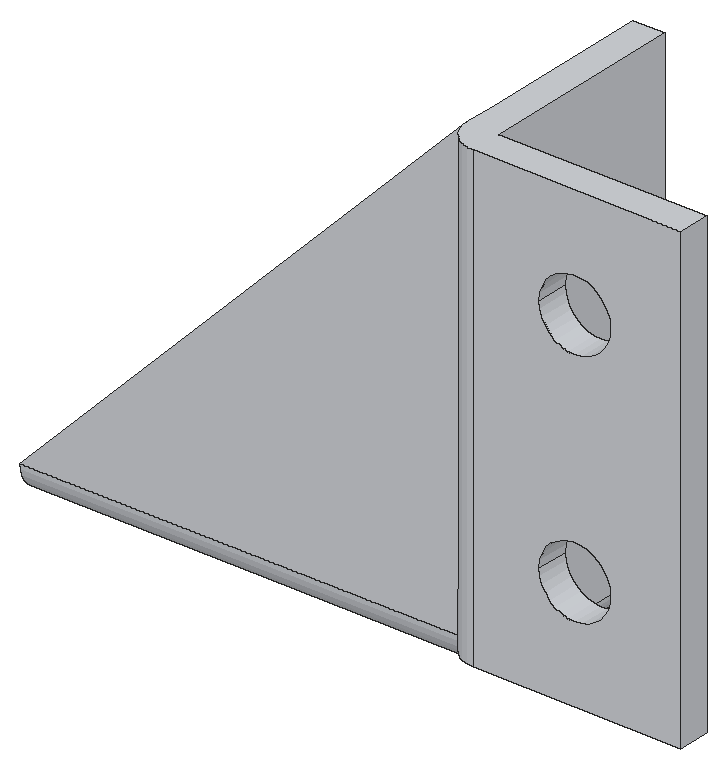
Revit family "Fitting-Wing_Shape-Unistrut-P2344R", category Specialty Equipment, Revit 2012
Parameters (values of type "P2344R")
  ecoScorecard_data = "http://products.ecoscorecard.com/atkore/P2344R"
  ecoScorecard Product Page = "http://products.ecoscorecard.com/atkore/P2344R?action=html"
  Weight Per Piece = 1.76 lbf
  Unit = none
  Unistrut Part Number = "P2344R"  # constant formula
  URL = "http://unistrut.us/index.php"
  Thickness = 1/4"  # constant formula
  Subcategory = "Wing Shape Fittings"  # constant formula
  Product Page URL = "http://unistrut.us/index.php?WP=cat_detail&S=S05&P=P2344R"
  Power Strut Part Number = "PS 2129 R"  # constant formula
  Part Type = "Fitting"  # constant formula
  Overall Width = 5 3/8"  # constant formula
  Overall Length = 1 5/8"  # constant formula
  Overall Height = 3 7/8"  # constant formula
  Model = "P2344R"
  Material = ""
  Manufacturer Phone - Toll Free = "800-882-5543"  # constant formula
  Manufacturer Phone = "708-339-1610"  # constant formula
  Manufacturer Fax = "708-339-7814"  # constant formula
  Manufacturer Email = "mailto:jshaw@atkore.com"
  Manufacturer Address = "16100 South Lathrop Avenue, Harvey, IL 60426"  # constant formula
  Manufacturer = "Unistrut by Atkore International"  # constant formula
  Load Capacity Note = "Visit the product page for load application and capacity."  # constant formula
  Literature URL = "http://unistrut.us/index.php?WP=LItLibrary"
  Hole Diameter = 9/16"
  Cost Info = "mailto:jshaw@atkore.com"
  CAD URL = "http://unistrut.us/index.php?WP=CAD3d"
  Assembly Code = "D5020100"
  95 CSI = "16070"  # constant formula
  04 CSI = "26 05 48"  # constant formula
Reference planes (in)
  plane 1 "Center (Front/Back)": y = 0
  plane 2: z = 0
  plane 3 "Center (Left/Right)": x = 0
  plane 4: z = 3.875
  plane 5: x = -2.6875
  plane 6: y = 0.8125
  plane 7: x = 2.6875
  plane 8: y = -0.8125
  plane 9: x = 1.0625
  plane 10: z = 0.25
  plane 11: z = 3
  plane 12: z = 1.125
  plane 13: x = -1.875
  plane 14: x = 1.859375
Dimensions and locks (in)
  "Overall Height": plane 4 to plane 2
  equal spacing: plane 6, plane 1 "Center (Front/Back)", plane 8
  "Overall Length": plane 6 to plane 8
  equal spacing: plane 5, plane 3 "Center (Left/Right)", plane 7
  "Overall Width": plane 5 to plane 7
  plane 9 to plane 5 = 3 3/4"
  "Thickness": plane 10 to plane 2
  aligned and locked: level to plane 2
  aligned and locked: nested 1 to level
Nested families (in)
  nested 1: "2344R" at (1.859375, -0.9375, 3.875) x (-1, 0, 0) z (0, 0, -1), type "2344R"
Definition of nested family "2344R"
  Parameters (values of type "2344R")
    Width = 5 3/8"
    Unit = none
    Thickness = 1/4"
    Height = 3 7/8"
    Radiuis = Diameter / 2  # 9/32"
    Length = 1 5/8"
    Diameter = 9/16"
    Default Elevation = 0"
    Bolt Length [instance] = 1 1/2"
  Reference planes (in)
    plane 1 "Center (Front/Back)": y = 0
    plane 2: z = 0
    plane 3 "Center (Left/Right)": x = 0
    plane 4: z = 3.875
    plane 5: y = 1.75
    plane 6: x = 4.546875
    plane 7: y = 0.125
    plane 8: x = 0.828125
    plane 9: x = -0.828125
    plane 10: z = 3.625
    plane 11: z = 0.875
    plane 12: y = 0.9375
    plane 13: y = 0.375
    plane 14: x = 0.8538459
    plane 15: x = 0.796875
  Forms (in)
    Extrusion 1, solid
      sketch origin (0, 0, 0) x (1, 0, 0) y (0, 1, 0)
        loop
          line (0.796875, 1.75) -> (0.796875, 0.125) -> (-0.828125, 0.125) -> (-0.828125, -0.125) -> (0.796875, -0.125)
          arc (0.796875, -0.125) -> (0.9736517, -0.0517767) -> (1.046875, 0.125) r 0.25
          line (1.046875, 0.125) -> (1.046875, 1.75) -> (0.796875, 1.75)
      from 0 to 3.625
    Extrusion 2, solid
      sketch origin (0, 0, 0) x (1, 0, 0) y (0, 0, 1)
        loop
          line (4.546875, 3.875) -> (0.9586483, 3.875)
          arc (0.9586483, 3.875) -> (0.8442573, 3.8276177) -> (0.796875, 3.7132267) r 0.1617733
          line (0.796875, 3.7132267) -> (0.796875, 3.625) -> (4.546875, 3.625) -> (4.546875, 3.875)
      from -1.75 to -0.375
    Extrusion 3, solid
      sketch origin (0, 0, 0) x (1, 0, 0) y (0, 0, 1)
        loop
          line (1.046875, 3.625) -> (1.046875, 0) -> (4.546875, 3.625) -> (1.046875, 3.625)
      from -0.375 to -0.125
    Extrusion 4, solid
      sketch origin (4.546875, 0, 3.875) x (0, 0, -1) y (0, 1, 0)
        loop
          line (0.25, 0.125) -> (0.25, 0.375) -> (0, 0.375)
          arc (0, 0.375) -> (0.0732233, 0.1982233) -> (0.25, 0.125) r 0.25
      from -3.75 to 0
    Extrusion 5, void
      sketch origin (4.546875, 0.375, 3.875) x (0, 0, 1) y (-1, 0, 0)
        loop
          line (0, 3.5882267) -> (0, 3.75) -> (-0.1617733, 3.75)
          arc (-0.1617733, 3.75) -> (-0.0473823, 3.7026177) -> (0, 3.5882267) r 0.1617733
      from -1.375 to 0.25
    Extrusion 6, void
      sketch origin (0, 0, 0) x (1, 0, 0) y (0, 0, 1)
        loop
          circle (0, 0.875) r 0.28125
        loop
          circle (0, 2.75) r 0.28125
      from -0.125 to 0.125
    Extrusion 7, void
      sketch origin (0, 0, 0) x (1, 0, 0) y (0, 1, 0)
        loop
          circle (3.734375, 0.9375) r 0.28125
        loop
          circle (1.859375, 0.9375) r 0.28125
      from 3.625 to 3.875
  Cuts and joins
    Extrusion 5, Extrusion 6, Extrusion 7 cuts Extrusion 1
    Extrusion 5, Extrusion 6, Extrusion 7 cuts Extrusion 2
    Extrusion 5, Extrusion 6, Extrusion 7 cuts Extrusion 3
    Extrusion 5, Extrusion 6, Extrusion 7 cuts Extrusion 4
    joined: Extrusion 1, Extrusion 2, Extrusion 3, Extrusion 4
  Dimensions and locks (in)
    "Height": plane 4 to plane 2
    equal spacing: plane 9, plane 3 "Center (Left/Right)", plane 8
    plane 9 to plane 8 = 1 21/32"
    "Thickness": plane 4 to plane 10
    "Length": plane 5 to plane 7
    equal spacing: plane 5, plane 12, plane 7
    locked: plane 13 to plane 7 at 0.25
    "Width": plane 9 to plane 6
    "Radiuis": radius of Extrusion 6 sketch curve  (x2)
    "Radiuis": radius of Extrusion 7 sketch curve  (x2)
    aligned and locked: level to plane 2
    aligned and locked: Extrusion 1 sketch curve to plane 7
    aligned and locked: Extrusion 1 sketch curve to plane 5
    aligned and locked: Extrusion 1 sketch curve to plane 9
    aligned and locked: plane 10 to Extrusion 1
    aligned and locked: Extrusion 1 to plane 2
    aligned and locked: plane 6 to Extrusion 2 sketch curve
    aligned and locked: Extrusion 2 sketch curve to plane 4
    aligned and locked: Extrusion 2 sketch curve to plane 10
    aligned and locked: plane 5 to Extrusion 2
    aligned and locked: Extrusion 3 sketch curve to plane 10
    aligned and locked: Extrusion 3 to plane 13
    aligned and locked: Extrusion 3 to plane 7
    aligned and locked: plane 13 to cut or joined group of Extrusion 1, Extrusion 2, Extrusion 3, Extrusion 4, Extrusion 5, Extrusion 6, Extrusion 7
    aligned and locked: Extrusion 4 sketch curve to cut or joined group of Extrusion 1, Extrusion 2, Extrusion 3, Extrusion 4, Extrusion 5, Extrusion 6, Extrusion 7
    aligned and locked: Extrusion 4 sketch curve to Extrusion 3
    aligned and locked: cut or joined group of Extrusion 1, Extrusion 2, Extrusion 3, Extrusion 4, Extrusion 5, Extrusion 6, Extrusion 7 to Extrusion 4
    aligned and locked: Extrusion 4 to cut or joined group of Extrusion 1, Extrusion 2, Extrusion 3, Extrusion 4, Extrusion 5, Extrusion 6, Extrusion 7
    aligned and locked: Extrusion 5 to Extrusion 1
    aligned and locked: Extrusion 1 to Extrusion 5
    aligned and locked: plane 3 "Center (Left/Right)" to Extrusion 6 sketch curve  (x2)
    aligned and locked: Extrusion 1 to Extrusion 6  (x2)
    aligned and locked: plane 12 to Extrusion 7 sketch curve  (x2)
    aligned and locked: Extrusion 7 to Extrusion 1
    aligned and locked: Extrusion 2 to Extrusion 7
    aligned and locked: plane 15 to Extrusion 2 sketch curve
    aligned and locked: Extrusion 3 sketch curve to cut or joined group of Extrusion 1, Extrusion 2, Extrusion 3, Extrusion 4, Extrusion 5, Extrusion 6, Extrusion 7
  Automatic sketch dimensions
    Extrusion 1 sketch curve to plane 8 = 1/32"
    Extrusion 1 sketch curve to plane 7 = 0"
    plane 8 to Extrusion 1 sketch curve = 7/32"
    plane 8 to Extrusion 2 sketch curve = 0.13052"
    Extrusion 4 sketch curve to Extrusion 2 = 0"
    Extrusion 5 sketch curve to Extrusion 5 sketch curve = 0"  (x2)
    Extrusion 5 sketch curve to Extrusion 4 = 0.08823"
    Extrusion 4 to Extrusion 5 sketch curve = 0"
    Extrusion 5 sketch curve to Extrusion 4 = 0"  (x3)
    Extrusion 6 sketch curve to plane 11 = 0"
    Extrusion 6 sketch curve to plane 10 = 7/8"
    plane 8 to Extrusion 7 sketch curve = 1 1/32"
    plane 6 to Extrusion 7 sketch curve = 13/16"
    Extrusion 1 sketch curve to Extrusion 1 sketch curve = 0"
    Extrusion 3 sketch curve to level = 0"
    plane 6 to Extrusion 3 sketch curve = 0"
